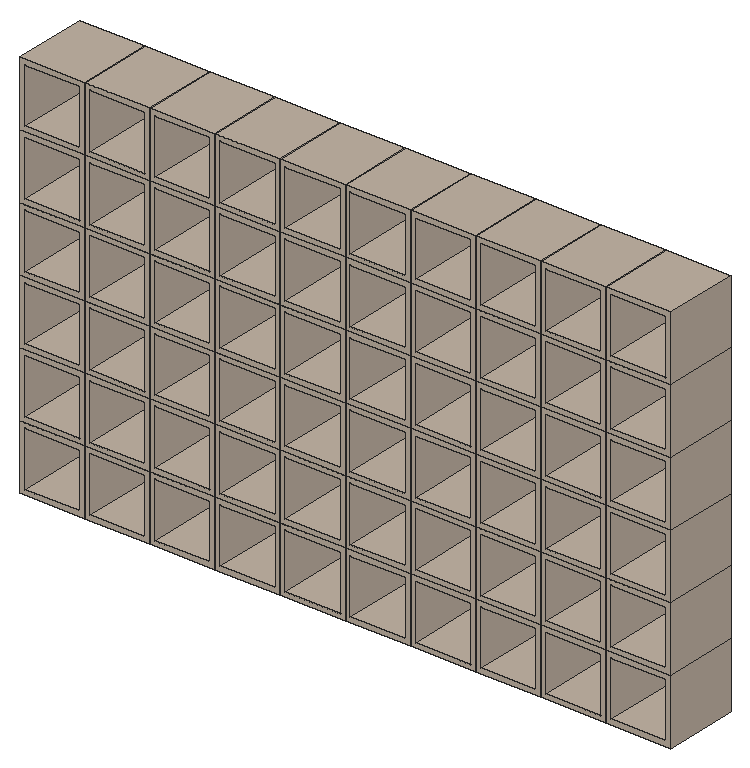
Revit family "GNW_A3-200mmx1200mm-Air-Bricks-no-Lintol", category Windows, host Wall, Revit 2016
Family settings
  Host = Wall
  Always vertical = Yes
  Cut with Voids When Loaded = No
  Shared = No
  Room Calculation Point = No
Parameters (values of type "2000 x 1200mm Air Bricks")
  Height = 1200 mm  # constant formula
  Default Sill Height = 1485 mm
  Wall Closure = By host
  Width = 2000 mm
  Construction Type = "AB09"
  Assembly Code = ""
Reference planes
  plane 1: y = 0
  plane 2 "Center (Left/Right)": x = 0
  plane 3 "Left": x = -1000
  plane 4 "Right": x = 1000
  plane 5 "Sill": z = 1485
  plane 6 "Head": z = 2685
  plane 7 "Exterior": y = 115
  plane 8 "Interior": y = -115
  plane 9: z = 2000
  plane 10: z = 1400
Lines and regions (mm)
  Opening 1
    outline origin (-5000, -115, 0) x (1, 0, 0) y (0, 0, 1)
      loop
        line (6000, 2085) -> (4000, 2085) -> (4000, 885) -> (6000, 885) -> (6000, 2085)
  symbolic lines, style "Windows"
    curve 1: line (-1000, -115, 0) -> (1000, -115, 0)
    curve 2: line (-1000, 115, 0) -> (-1000, -115, 0)
    curve 3: line (1000, 115, 0) -> (-1000, 115, 0)
    curve 4: line (1000, -115, 0) -> (1000, 115, 0)
    curve 5: line (-800, 115, 0) -> (-800, -115, 0)
    curve 6: line (-600, 115, 0) -> (-600, -115, 0)
    curve 7: line (-400, 115, 0) -> (-400, -115, 0)
    curve 8: line (-200, 115, 0) -> (-200, -115, 0)
    curve 9: line (0, 115, 0) -> (0, -115, 0)
    curve 10: line (200, 115, 0) -> (200, -115, 0)
    curve 11: line (400, 115, 0) -> (400, -115, 0)
    curve 12: line (600, 115, 0) -> (600, -115, 0)
    curve 13: line (800, 115, 0) -> (800, -115, 0)
Text (mm)
  text "EXTERIOR" at (-1963.203, 1332.353, 0), in view "Ref. Level"
  text "INTERIOR" at (-1981.466, -818.386, 0), in view "Ref. Level"
  text "Exterior" at (0, 923.751, 2943.296), in view "Right"
  text "Exterior" at (0, 1040.484, 2685.409), in view "Left"
Dimensions and locks
  equal spacing: plane 3 "Left", plane 2 "Center (Left/Right)", plane 4 "Right"
  "Width": plane 3 "Left" to plane 4 "Right"
  "Height": plane 5 "Sill" to plane 6 "Head"
  "Default Sill Height": plane 5 "Sill" to level
  locked: plane 7 "Exterior" to host wall at 0
  locked: plane 8 "Interior" to host wall
  plane 3 "Left" to plane 2 "Center (Left/Right)" to plane 4 "Right" = 1000 mm, 1000 mm
  level to plane 6 "Head" = 2685 mm
Automatic sketch dimensions
  curve 1 to host wall = 0 mm
  curve 1 to plane 3 "Left" = 0 mm
  curve 5 to host wall = 0 mm
  curve 9 to plane 2 "Center (Left/Right)" = 0 mm
  curve 3 to plane 4 "Right" = 0 mm
  curve 2 to curve 5 = 200 mm
  curve 5 to curve 6 = 200 mm
  curve 6 to curve 7 = 200 mm
  curve 7 to curve 8 = 200 mm
  curve 9 to curve 10 = 200 mm
  curve 10 to curve 11 = 200 mm
  curve 11 to curve 12 = 200 mm
  curve 12 to curve 13 = 200 mm
  Opening 1 sketch curve to plane 3 "Left" = 0 mm
  Opening 1 sketch curve to plane 4 "Right" = 0 mm
  plane 5 "Sill" to Opening 1 sketch curve = 600 mm
  plane 6 "Head" to Opening 1 sketch curve = 600 mm
Nested families
  nested 1: "Air Brick" at (-1000, 115, 1485), type "Air Brick"
  nested 2: "Air Brick" at (-800, 115, 1485), type "Air Brick"
  nested 3: "Air Brick" at (-600, 115, 1485), type "Air Brick"
  nested 4: "Air Brick" at (-200, 115, 1485), type "Air Brick"
  nested 5: "Air Brick" at (0, 115, 1485), type "Air Brick"
  nested 6: "Air Brick" at (200, 115, 1485), type "Air Brick"
  nested 7: "Air Brick" at (400, 115, 1485), type "Air Brick"
  nested 8: "Air Brick" at (600, 115, 1485), type "Air Brick"
  nested 9: "Air Brick" at (800, 115, 1485), type "Air Brick"
  nested 10: "Air Brick" at (-400, 115, 1485), type "Air Brick"
  nested 11: "Air Brick" at (-1000, 115, 1685), type "Air Brick"
  nested 12: "Air Brick" at (-800, 115, 1685), type "Air Brick"
  nested 13: "Air Brick" at (-600, 115, 1685), type "Air Brick"
  nested 14: "Air Brick" at (-200, 115, 1685), type "Air Brick"
  nested 15: "Air Brick" at (0, 115, 1685), type "Air Brick"
  nested 16: "Air Brick" at (200, 115, 1685), type "Air Brick"
  nested 17: "Air Brick" at (400, 115, 1685), type "Air Brick"
  nested 18: "Air Brick" at (600, 115, 1685), type "Air Brick"
  nested 19: "Air Brick" at (800, 115, 1685), type "Air Brick"
  nested 20: "Air Brick" at (-400, 115, 1685), type "Air Brick"
  nested 21: "Air Brick" at (-1000, 115, 1885), type "Air Brick"
  nested 22: "Air Brick" at (-800, 115, 1885), type "Air Brick"
  nested 23: "Air Brick" at (-600, 115, 1885), type "Air Brick"
  nested 24: "Air Brick" at (-200, 115, 1885), type "Air Brick"
  nested 25: "Air Brick" at (0, 115, 1885), type "Air Brick"
  nested 26: "Air Brick" at (200, 115, 1885), type "Air Brick"
  nested 27: "Air Brick" at (400, 115, 1885), type "Air Brick"
  nested 28: "Air Brick" at (600, 115, 1885), type "Air Brick"
  nested 29: "Air Brick" at (800, 115, 1885), type "Air Brick"
  nested 30: "Air Brick" at (-400, 115, 1885), type "Air Brick"
  nested 31: "Air Brick" at (-1000, 115, 885), type "Air Brick"
  nested 32: "Air Brick" at (-800, 115, 885), type "Air Brick"
  nested 33: "Air Brick" at (-600, 115, 885), type "Air Brick"
  nested 34: "Air Brick" at (-200, 115, 885), type "Air Brick"
  nested 35: "Air Brick" at (0, 115, 885), type "Air Brick"
  nested 36: "Air Brick" at (200, 115, 885), type "Air Brick"
  nested 37: "Air Brick" at (400, 115, 885), type "Air Brick"
  nested 38: "Air Brick" at (600, 115, 885), type "Air Brick"
  nested 39: "Air Brick" at (800, 115, 885), type "Air Brick"
  nested 40: "Air Brick" at (-400, 115, 885), type "Air Brick"
  nested 41: "Air Brick" at (-1000, 115, 1085), type "Air Brick"
  nested 42: "Air Brick" at (-800, 115, 1085), type "Air Brick"
  nested 43: "Air Brick" at (-600, 115, 1085), type "Air Brick"
  nested 44: "Air Brick" at (-200, 115, 1085), type "Air Brick"
  nested 45: "Air Brick" at (0, 115, 1085), type "Air Brick"
  nested 46: "Air Brick" at (200, 115, 1085), type "Air Brick"
  nested 47: "Air Brick" at (400, 115, 1085), type "Air Brick"
  nested 48: "Air Brick" at (600, 115, 1085), type "Air Brick"
  nested 49: "Air Brick" at (800, 115, 1085), type "Air Brick"
  nested 50: "Air Brick" at (-400, 115, 1085), type "Air Brick"
  nested 51: "Air Brick" at (-1000, 115, 1285), type "Air Brick"
  nested 52: "Air Brick" at (-800, 115, 1285), type "Air Brick"
  nested 53: "Air Brick" at (-600, 115, 1285), type "Air Brick"
  nested 54: "Air Brick" at (-200, 115, 1285), type "Air Brick"
  nested 55: "Air Brick" at (0, 115, 1285), type "Air Brick"
  nested 56: "Air Brick" at (200, 115, 1285), type "Air Brick"
  nested 57: "Air Brick" at (400, 115, 1285), type "Air Brick"
  nested 58: "Air Brick" at (600, 115, 1285), type "Air Brick"
  nested 59: "Air Brick" at (800, 115, 1285), type "Air Brick"
  nested 60: "Air Brick" at (-400, 115, 1285), type "Air Brick"
Definition of nested family "Air Brick"
  Reference planes
    plane 1 "Center (Front/Back)": y = 0
    plane 2: z = 0
    plane 3 "Center (Left/Right)": x = 0
  Forms (mm)
    Extrusion 1, solid
      sketch origin (0, 0, 0) x (1, 0, 0) y (0, 0, 1)
        loop
          line (0, 0) -> (200, 0) -> (200, 200) -> (0, 200) -> (0, 0)
        loop
          line (185, 185) -> (15, 185) -> (15, 15) -> (185, 15) -> (185, 185)
      from 0 to 230
